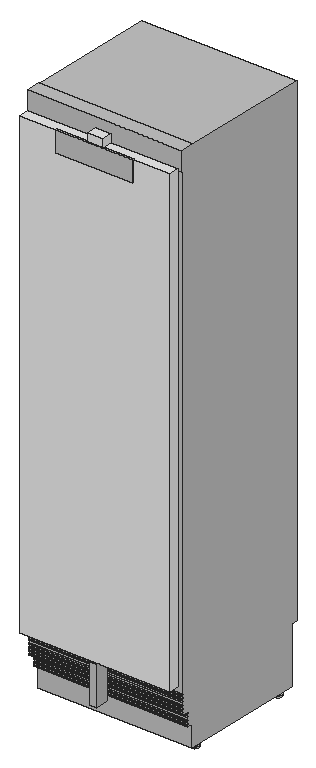
Revit family "FP-Revit20-en-RS6121FRJE1-Freezer-0-AS-AU-CN-EU-IE-NZ-SG-UK-90001099A (1)", category Specialty Equipment, Revit 2020
Family settings
  Round Connector Dimension = Use Diameter
  Part Type = Normal
  OmniClass Number = 23.40.40.11.11
  OmniClass Title = Refrigerators and Freezers
  Work Plane-Based = No
  Always vertical = Yes
  Cut with Voids When Loaded = Yes
  Shared = No
  Room Calculation Point = No
Parameters (values of type "RS6121FRJE1")
  Visibility - Water Connection = no
  Visibility - Visibility Control Note = yes
  Visibility - Clearance Required = yes
  URL = "www.fisherpaykel.com"
  Stainless Steel Door Panels (RD6121R10D) = no
  Product - Width = 603 mm  # constant formula
  Product - Height = 2134 mm  # constant formula
  Product - Depth (exl front panel) = 610 mm  # constant formula
  Model = "RS6121FRJE1"
  Material - Handle = Fisher & Paykel - Aluminium
  Material - Door Structure = Fisher & Paykel - White
  Material - Door Front = Fisher & Paykel - Stainless Steel
  Material - Body = Fisher & Paykel - Grey
  Manufacturer = "Fisher & Paykel Appliances"
  Handle Style - Contemporary Square (AHD3-RD21) = no
  Handle Style - Contemporary Round (AHS-RD21) = no
  Description = "61cm Integrated Column Freezer, stainless steel interior"
  Default Elevation = 0 mm
  Connector Description - Water = "Water Supply not required"
  Connector Description - Electrical = "230 V, 10 amp fused electrical supply"
  Cavity - Width = 610 mm  # constant formula
  Cavity - Height = 2134 mm  # constant formula
  Cavity - Depth = 650 mm  # constant formula
Types (4, lengths in mm): name | Visibility - Water Connection | Model | Description | Connector Description - Water
  (no name) | no | "RS6121FRJE1" | "61cm Integrated Column Freezer, stainless steel interior" | "Water Supply not required"
  RS6121FRJK1 | yes | "RS6121FRJK1" | "61cm Integrated Column Freezer with internal ice maker, stainless steel interior" | "1/2 BSP Stainless steel braided hose"
  RS6121FRJE1 | no | "RS6121FRJE1" | "61cm Integrated Column Freezer, stainless steel interior" | "Water Supply not required"
  RS6121FRJ1 | yes | "RS6121FRJ1" | "61cm Integrated Column Freezer with internal ice maker, white interior" | "1/2 BSP Stainless steel braided hose"
Reference planes
  plane 1 "Datum": y = 0
  plane 2: z = 0
  plane 3 "Center (Left/Right)": x = 0
  plane 4 "Product LHS": x = -301.5
  plane 5 "Product RHS": x = 301.5
  plane 6 "Product - Depth": y = 610
  plane 7 "Cavity LHS": x = -305
  plane 8 "Cavity RHS": x = 305
  plane 9 "Cavity - Depth": y = 628
  plane 10 "Handle Offset": x = -238.5
  plane 11 "Product Height": z = 2134
  plane 12 "Cavity Height": z = 2134
  plane 13 "Door Panel Datum": y = -4.1
Forms (mm)
  Extrusion 1, solid, material "Fisher & Paykel - Grey" <- "Material - Body", detail levels fine
    sketch origin (0, 0, 0) x (0, 1, 0) y (0, 0, 1)
      loop
        line (100.1, 19.1) -> (587.9, 19.1) -> (587.9, 239.7) -> (610, 239.7) -> (610, 2131.9) -> (105.1, 2131.9) -> (105.1, 2134) -> (49.9, 2134) -> (49.9, 2059) -> (56, 2059) -> (56, 228.6) -> (59.5, 228.6) -> (59.5, 219.7) -> (56.5, 219.7) -> (56.5, 215.9) -> (59.5, 215.9) -> (59.5, 207) -> (56.5, 207) -> (56.5, 203.2) -> (59.5, 203.2) -> (59.5, 194.3) -> (56.5, 194.3) -> (56.5, 190.5) -> (59.5, 190.5) -> (59.5, 181.6) -> (56.5, 181.6) -> (56.5, 177.8) -> (59.5, 177.8) -> (59.5, 168.9) -> (56.5, 168.9) -> (56.5, 165.1) -> (59.5, 165.1) -> (59.5, 156.2) -> (56.5, 156.2) -> (56.5, 152.4) -> (84.1, 152.4) -> (84.1, 143.5) -> (81.1, 143.5) -> (81.1, 139.7) -> (84.1, 139.7) -> (84.1, 130.8) -> (81.1, 130.8) -> (81.1, 127) -> (84.1, 127) -> (84.1, 118.1) -> (81.1, 118.1) -> (81.1, 114.3) -> (84.1, 114.3) -> (84.1, 105.4) -> (81.1, 105.4) -> (81.1, 101.6) -> (100.1, 101.6) -> (100.1, 19.1)
    from -301.5 to 301.5
  Extrusion 2, solid, material "Fisher & Paykel - Grey" <- "Material - Body"
    sketch origin (0, 0, 0) x (1, 0, 0) y (0, 1, 0)
      loop
        circle (-281, 547.8) r 4.1
      loop
        circle (-281, 141.8) r 4.1
      loop
        circle (281, 547.8) r 4.1
      loop
        circle (281, 141.8) r 4.1
    from 3 to 19.1
  Extrusion 3, solid, material "Fisher & Paykel - Grey" <- "Material - Body"
    sketch origin (0, 0, 0) x (1, 0, 0) y (0, 1, 0)
      loop
        circle (-281, 547.8) r 14.5
      loop
        circle (-281, 141.8) r 14.555
      loop
        circle (281, 547.8) r 14.5
      loop
        circle (281, 141.8) r 14.555
    from 0 to 3
  Extrusion 4, solid, material "Fisher & Paykel - Grey" <- "Material - Body", detail levels fine
    sketch origin (0, 0, 0) x (1, 0, 0) y (0, 1, 0)
      loop
        line (-7.5, 49) -> (-13.797, -4.1) -> (13.797, -4.1) -> (7.5, 49) -> (-7.5, 49)
    from 104.2 to 254.2
  Extrusion 5, solid, material "Fisher & Paykel - Grey" <- "Material - Body", not visible, detail levels fine
    sketch origin (0, 0, 0) x (1, 0, 0) y (0, 0, 1)
      loop
        line (289.9, 2123.15) -> (95.42, 2123.15) -> (95.42, 2081.05) -> (289.9, 2081.05) -> (289.9, 2123.15)
    from -49 to -2.5
  Extrusion 6, solid, material "Fisher & Paykel - Grey" <- "Material - Body", detail levels fine
    sketch origin (0, 0, 0) x (0, 1, 0) y (0, 0, 1)
      loop
        line (0, 2070.6) -> (0, 1988.6) -> (2, 1988.6) -> (2, 2068.6) -> (4, 2068.6) -> (4, 2070.6) -> (0, 2070.6)
    from -150 to 150
  Extrusion 7, solid, material "Fisher & Paykel - Grey" <- "Material - Body"
    sketch origin (0, 0, 0) x (1, 0, 0) y (0, 0, 1)
      loop
        circle (226.5, 119.813) r 5
      loop
        circle (-226.5, 119.813) r 5
    from -590 to -587.9
  Extrusion 8, solid, material "Fisher & Paykel - White" <- "Material - Door Structure"
    sketch origin (0, 0, 0) x (1, 0, 0) y (0, 1, 0)
      loop
        line (-276.5, 56) -> (-276.5, 42) -> (276.5, 42) -> (276.5, 56) -> (-276.5, 56)
    from 269.6 to 2030.7
  Extrusion 9, solid, material "Fisher & Paykel - White" <- "Material - Door Structure"
    sketch origin (0, 0, 0) x (1, 0, 0) y (0, 1, 0)
      loop
        line (-292.9, 42) -> (-292.9, 3) -> (292.9, 3) -> (292.9, 42) -> (-292.9, 42)
    from 254.2 to 2068.6
  Extrusion 10, solid, material "Fisher & Paykel - White" <- "Material - Door Structure", detail levels fine
    sketch origin (0, 0, 0) x (1, 0, 0) y (0, 0, 1)
      loop
        line (-29.5, 2100.1) -> (-29.5, 2068.6) -> (29.5, 2068.6) -> (29.5, 2100.1) -> (-29.5, 2100.1)
    from -42 to -3
  Extrusion 11, solid, material "Fisher & Paykel - Stainless Steel" <- "Material - Door Front", visible <- "Stainless Steel Door Panels (RD6121R10D)"
    sketch origin (0, 0, 0) x (0, 1, 0) y (0, 0, 1)
      loop
        line (-22.1, 2130.8) -> (-22.1, 102) -> (-4.1, 102) -> (-4.1, 2130.8) -> (-22.1, 2130.8)
    from -301.5 to 301.5
  Extrusion 12, solid, material "Fisher & Paykel - Grey" <- "Material - Body", detail levels coarse+medium
    sketch origin (0, 0, 0) x (0, 1, 0) y (0, 0, 1)
      loop
        line (49.9, 2134) -> (49.9, 2059) -> (56, 2059) -> (56, 152.4) -> (81.1, 152.4) -> (81.1, 101.6) -> (100.1, 101.6) -> (100.1, 19.1) -> (587.9, 19.1) -> (587.9, 239.7) -> (610, 239.7) -> (610, 2134) -> (49.9, 2134)
    from -301.5 to 301.5
  Extrusion 13, solid, material "Fisher & Paykel - Clearance Required", visible <- "Visibility - Clearance Required", detail levels coarse
    sketch origin (0, 0, 0) x (1, 0, 0) y (0, 1, 0)
      loop
        arc (-301.5, -22.1) -> (-13.376, -547.171) -> (584.28, -586.183) r 622.5
        line (584.28, -586.183) -> (565.051, -544.946) -> (589.549, -533.523)
        arc (589.549, -533.523) -> (598.013, -510.267) -> (574.757, -501.802) r 17.5
        line (574.757, -501.802) -> (550.259, -513.225) -> (329.441, -39.678)
        arc (329.441, -39.678) -> (310.616, -38.605) -> (301.5, -22.1) r 19.5
        line (301.5, -22.1) -> (-301.5, -22.1)
    from 0 to 2134
  Extrusion 14, solid, material "Fisher & Paykel - Grey" <- "Material - Body", not visible, detail levels fine
    sketch origin (0, 0, 0) x (1, 0, 0) y (0, 0, 1)
      loop
        line (289.9, 187.65) -> (289.9, 229.75) -> (95.42, 229.75) -> (95.42, 187.65) -> (289.9, 187.65)
    from -56 to -2.5
  Extrusion 15, solid, material "Fisher & Paykel - Grey" <- "Material - Body", detail levels fine
    sketch origin (0, 0, -4) x (0, 1, 0) y (0, 0, 1)
      loop
        arc (163.888, 23.1) -> (180.4, 13.63) -> (196.912, 23.1) r 19.13
        line (196.912, 23.1) -> (163.888, 23.1)
      loop
        arc (493.888, 23.1) -> (510.4, 13.63) -> (526.912, 23.1) r 19.13
        line (526.912, 23.1) -> (493.888, 23.1)
    from 191 to 219
  Extrusion 16, solid, material "Fisher & Paykel - Grey" <- "Material - Body", detail levels fine
    sketch origin (0, 0, -4) x (0, 1, 0) y (0, 0, -1)
      loop
        line (163.888, -23.1) -> (196.912, -23.1)
        arc (196.912, -23.1) -> (180.4, -13.63) -> (163.888, -23.1) r 19.13
      loop
        line (493.888, -23.1) -> (526.912, -23.1)
        arc (526.912, -23.1) -> (510.4, -13.63) -> (493.888, -23.1) r 19.13
    from 191 to 219
  Extrusion 17, solid, material "Fisher & Paykel - Clearance Required", visible <- "Visibility - Clearance Required", detail levels coarse
    sketch origin (0, 0, 0) x (1, 0, 0) y (0, 1, 0)
      loop
        line (-305, 628) -> (-305, -4.1) -> (305, -4.1) -> (305, 628) -> (-305, 628)
    from 0 to 2134
  Extrusion 18, void
    sketch origin (0, 0, 0) x (1, 0, 0) y (0, 1, 0)
      loop
        line (-305, 628) -> (-305, -22) -> (305, -22) -> (305, 628) -> (-305, 628)
    from 0 to 2134
  Extrusion 19, solid, material "Fisher & Paykel - Grey" <- "Material - Body", not visible, detail levels fine
    sketch origin (0, 0, 0) x (1, 0, 0) y (0, 0, 1)
      loop
        line (118.4, 254.2) -> (118.4, 229.75) -> (282.9, 229.75) -> (282.9, 254.2) -> (118.4, 254.2)
      loop
        line (106, 2081.05) -> (106, 2068.6) -> (282.9, 2068.6) -> (282.9, 2076.05) -> (242.9, 2081.05) -> (106, 2081.05)
    from -7 to -4
Lines and regions (mm)
  model lines, style "Fisher & Paykel"
    curve 1: line (-301.5, -4.1, 2130.8) -> (301.5, -4.1, 2130.8)
    curve 2: line (-301.5, -4.1, 102) -> (-301.5, -4.1, 2130.8)
    curve 3: line (301.5, -4.1, 102) -> (-301.5, -4.1, 102)
    curve 4: line (301.5, -4.1, 2130.8) -> (301.5, -4.1, 102)
Text (mm)
  text "Due to ongoing product development, product details are subject to change without notice. \nPlease always refer to www.fisherpaykel.com for the most current product information. \n© Fisher & Paykel 2020" at (41.04, -678.295, 0), in view "Ref. Level (Plan)"
Dimensions and locks
  equal spacing: plane 4 "Product LHS", plane 3 "Center (Left/Right)", plane 5 "Product RHS"
  "Product - Width": plane 4 "Product LHS" to plane 5 "Product RHS"
  "Product - Depth (exl front panel)": plane 1 "Datum" to plane 6 "Product - Depth"
  equal spacing: plane 7 "Cavity LHS", plane 3 "Center (Left/Right)", plane 8 "Cavity RHS"
  "Cavity - Width": plane 7 "Cavity LHS" to plane 8 "Cavity RHS"
  plane 4 "Product LHS" to Extrusion 2 sketch curve = 24.6 mm
  plane 4 "Product LHS" to plane 10 "Handle Offset" = 63 mm
  Extrusion 7 sketch curve to Extrusion 1 = 119.887 mm  (x2)
  Extrusion 7 sketch curve to plane 5 "Product RHS" = 75 mm
  plane 4 "Product LHS" to Extrusion 7 sketch curve = 75 mm
  Extrusion 1 sketch curve to Extrusion 1 sketch curve = 82.5 mm
  Extrusion 1 sketch curve to Extrusion 1 sketch curve = 209.5 mm
  Extrusion 3 to level = 3 mm
  Extrusion 12 to Extrusion 9 = 235.1 mm
  Extrusion 12 to Extrusion 8 = 250.5 mm
  Extrusion 12 to Extrusion 12 = 2114.9 mm
  Extrusion 12 to Extrusion 11 = 82.9 mm
  "Product - Height": level to plane 11 "Product Height"
  plane 11 "Product Height" to Extrusion 11 = 3.2 mm
  Extrusion 9 to plane 11 "Product Height" = 65.4 mm
  Extrusion 8 to plane 11 "Product Height" = 103.3 mm
  Extrusion 12 sketch curve to plane 11 "Product Height" = 75 mm
  Extrusion 1 sketch curve to plane 11 "Product Height" = 2.1 mm
  Extrusion 1 sketch curve to plane 11 "Product Height" = 75 mm
  "Cavity - Height": plane 12 "Cavity Height" to level
  plane 1 "Datum" to Extrusion 17 = 628 mm
  plane 1 "Datum" to Extrusion 18 = 628 mm
  Extrusion 19 sketch curve to Extrusion 19 sketch curve = 40 mm
  Extrusion 19 sketch curve to plane 3 "Center (Left/Right)" = 106 mm
  Extrusion 19 sketch curve to Extrusion 19 sketch curve = 176.9 mm
  Extrusion 19 sketch curve to plane 3 "Center (Left/Right)" = 118.4 mm
  plane 3 "Center (Left/Right)" to Extrusion 19 sketch curve = 282.9 mm
  "Cavity - Depth": Extrusion 18 to Extrusion 18
  Extrusion 18 to plane 1 "Datum" = 22 mm
  radius of Extrusion 7 sketch curve = 5 mm
  aligned and locked: level to plane 2
  aligned and locked: Extrusion 11 to plane 5 "Product RHS"
  aligned and locked: plane 4 "Product LHS" to Extrusion 11
  aligned and locked: Extrusion 12 to plane 5 "Product RHS"
  aligned and locked: Extrusion 12 to plane 4 "Product LHS"
  aligned and locked: Extrusion 12 sketch curve to plane 11 "Product Height"
  aligned and locked: plane 11 "Product Height" to Extrusion 1 sketch curve
  aligned and locked: Extrusion 15 sketch curve to Extrusion 15 sketch curve
  aligned and locked: Extrusion 16 sketch curve to Extrusion 16 sketch curve
  aligned and locked: Extrusion 17 to Extrusion 13
  aligned and locked: Extrusion 18 to Extrusion 13
  aligned and locked: Extrusion 1 to plane 5 "Product RHS"
  aligned and locked: plane 4 "Product LHS" to Extrusion 1
  aligned and locked: Extrusion 2 to Extrusion 1
  aligned and locked: nested 3 to plane 10 "Handle Offset"
  aligned and locked: nested 2 to plane 10 "Handle Offset"
Automatic sketch dimensions
  Extrusion 2 sketch curve to plane 4 "Product LHS" = 20.5 mm  (x2)
  plane 5 "Product RHS" to Extrusion 2 sketch curve = 20.5 mm  (x2)
  Extrusion 2 sketch curve to plane 1 "Datum" = 141.8 mm  (x2)
  Extrusion 2 sketch curve to plane 6 "Product - Depth" = 62.2 mm  (x2)
  Extrusion 3 sketch curve to plane 4 "Product LHS" = 20.5 mm  (x2)
  plane 5 "Product RHS" to Extrusion 3 sketch curve = 20.5 mm  (x2)
  Extrusion 3 sketch curve to plane 1 "Datum" = 141.8 mm  (x2)
  Extrusion 3 sketch curve to plane 6 "Product - Depth" = 62.2 mm  (x2)
  plane 1 "Datum" to Extrusion 4 sketch curve = 4.1 mm
  Extrusion 4 sketch curve to plane 3 "Center (Left/Right)" = 13.797 mm
  Extrusion 4 sketch curve to plane 3 "Center (Left/Right)" = 7.5 mm
  plane 3 "Center (Left/Right)" to Extrusion 4 sketch curve = 7.5 mm
  plane 3 "Center (Left/Right)" to Extrusion 4 sketch curve = 13.797 mm
  Extrusion 4 sketch curve to plane 1 "Datum" = 49 mm
  plane 11 "Product Height" to Extrusion 5 sketch curve = 10.85 mm
  plane 3 "Center (Left/Right)" to Extrusion 5 sketch curve = 95.42 mm
  plane 5 "Product RHS" to Extrusion 5 sketch curve = 11.6 mm
  Extrusion 5 sketch curve to Extrusion 5 sketch curve = 42.1 mm
  Extrusion 6 sketch curve to plane 1 "Datum" = 0 mm
  Extrusion 6 sketch curve to plane 1 "Datum" = 2 mm
  Extrusion 6 sketch curve to Extrusion 6 sketch curve = 2 mm  (x2)
  plane 11 "Product Height" to Extrusion 6 sketch curve = 145.4 mm
  plane 11 "Product Height" to Extrusion 6 sketch curve = 65.4 mm
  Extrusion 8 sketch curve to plane 4 "Product LHS" = 25 mm
  plane 5 "Product RHS" to Extrusion 8 sketch curve = 25 mm
  Extrusion 8 sketch curve to plane 1 "Datum" = 42 mm
  Extrusion 8 sketch curve to Extrusion 8 sketch curve = 14 mm
  Extrusion 9 sketch curve to plane 1 "Datum" = 3 mm
  Extrusion 9 sketch curve to plane 4 "Product LHS" = 8.6 mm
  plane 5 "Product RHS" to Extrusion 9 sketch curve = 8.6 mm
  Extrusion 9 sketch curve to Extrusion 9 sketch curve = 39 mm
  Extrusion 10 sketch curve to plane 3 "Center (Left/Right)" = 29.5 mm
  plane 3 "Center (Left/Right)" to Extrusion 10 sketch curve = 29.5 mm
  plane 11 "Product Height" to Extrusion 10 sketch curve = 65.4 mm
  Extrusion 10 sketch curve to Extrusion 10 sketch curve = 31.5 mm
  plane 1 "Datum" to Extrusion 11 sketch curve = 22.1 mm
  plane 1 "Datum" to Extrusion 11 sketch curve = 4.1 mm
  level to Extrusion 11 sketch curve = 102 mm
  plane 11 "Product Height" to Extrusion 11 sketch curve = 3.2 mm
  Extrusion 13 sketch curve to Extrusion 13 sketch curve = 0 mm  (x2)
  Extrusion 13 sketch curve to plane 4 "Product LHS" = 0 mm
  Extrusion 13 sketch curve to plane 5 "Product RHS" = 0 mm
  Extrusion 13 sketch curve to plane 8 "Cavity RHS" = 16 mm
  Extrusion 13 sketch curve to Extrusion 13 sketch curve = 8.441 mm
  Extrusion 13 sketch curve to plane 8 "Cavity RHS" = 245.259 mm
  Extrusion 13 sketch curve to Extrusion 13 sketch curve = 14.792 mm
  Extrusion 13 sketch curve to Extrusion 13 sketch curve = 24.498 mm
  Extrusion 13 sketch curve to Extrusion 13 sketch curve = 7.396 mm  (x2)
  Extrusion 13 sketch curve to Extrusion 13 sketch curve = 19.229 mm
  plane 1 "Datum" to Extrusion 13 sketch curve = 586.183 mm
  Extrusion 13 sketch curve to Extrusion 13 sketch curve = 41.237 mm
  Extrusion 13 sketch curve to Extrusion 13 sketch curve = 15.86 mm
  plane 3 "Center (Left/Right)" to Extrusion 14 sketch curve = 95.42 mm
  plane 5 "Product RHS" to Extrusion 14 sketch curve = 11.6 mm
  level to Extrusion 14 sketch curve = 187.65 mm
  Extrusion 14 sketch curve to Extrusion 14 sketch curve = 42.1 mm
  Extrusion 15 sketch curve to plane 1 "Datum" = 163.888 mm
  Extrusion 15 sketch curve to Extrusion 15 sketch curve = 16.512 mm  (x2)
  Extrusion 15 sketch curve to plane 6 "Product - Depth" = 116.112 mm
  Extrusion 15 sketch curve to Extrusion 15 sketch curve = 9.66 mm  (x2)
  Extrusion 16 sketch curve to plane 1 "Datum" = 163.888 mm
  Extrusion 16 sketch curve to Extrusion 16 sketch curve = 16.512 mm  (x2)
  Extrusion 16 sketch curve to plane 6 "Product - Depth" = 116.112 mm
  Extrusion 16 sketch curve to Extrusion 16 sketch curve = 9.66 mm  (x2)
  Extrusion 17 sketch curve to plane 7 "Cavity LHS" = 0 mm
  Extrusion 17 sketch curve to plane 8 "Cavity RHS" = 0 mm
  Extrusion 17 sketch curve to plane 9 "Cavity - Depth" = 0 mm
  plane 1 "Datum" to Extrusion 17 sketch curve = 4.1 mm
  Extrusion 18 sketch curve to plane 7 "Cavity LHS" = 0 mm
  Extrusion 18 sketch curve to plane 8 "Cavity RHS" = 0 mm
  plane 9 "Cavity - Depth" to Extrusion 18 sketch curve = 0 mm
  plane 1 "Datum" to Extrusion 18 sketch curve = 22 mm
  level to Extrusion 19 sketch curve = 229.75 mm
  Extrusion 19 sketch curve to Extrusion 19 sketch curve = 24.45 mm
  plane 11 "Product Height" to Extrusion 19 sketch curve = 65.4 mm
  Extrusion 19 sketch curve to Extrusion 19 sketch curve = 7.45 mm
  Extrusion 19 sketch curve to Extrusion 19 sketch curve = 5 mm
  Extrusion 12 sketch curve to plane 6 "Product - Depth" = 0 mm
  Extrusion 12 sketch curve to plane 6 "Product - Depth" = 22.1 mm
  Extrusion 12 sketch curve to plane 1 "Datum" = 100.1 mm
  Extrusion 12 sketch curve to Extrusion 12 sketch curve = 19 mm
  Extrusion 12 sketch curve to plane 1 "Datum" = 56 mm
  Extrusion 12 sketch curve to plane 1 "Datum" = 49.9 mm
  level to Extrusion 12 sketch curve = 152.4 mm
  Extrusion 12 sketch curve to Extrusion 12 sketch curve = 50.8 mm
  level to Extrusion 12 sketch curve = 19.1 mm
  Extrusion 12 sketch curve to Extrusion 12 sketch curve = 220.6 mm
  level to Extrusion 15 sketch curve = 19.1 mm
  level to Extrusion 16 sketch curve = 28.76 mm
  Extrusion 1 sketch curve to plane 6 "Product - Depth" = 0 mm
  Extrusion 1 sketch curve to Extrusion 1 sketch curve = 22.1 mm
  Extrusion 1 sketch curve to plane 1 "Datum" = 105.1 mm
  level to Extrusion 1 sketch curve = 19.1 mm
  Extrusion 1 sketch curve to plane 1 "Datum" = 100.1 mm
  Extrusion 1 sketch curve to Extrusion 1 sketch curve = 16 mm
  Extrusion 1 sketch curve to Extrusion 1 sketch curve = 0 mm  (x8)
  Extrusion 1 sketch curve to Extrusion 1 sketch curve = 3 mm  (x10)
  Extrusion 1 sketch curve to plane 1 "Datum" = 59.5 mm
  Extrusion 1 sketch curve to plane 1 "Datum" = 56 mm
  Extrusion 1 sketch curve to plane 1 "Datum" = 49.9 mm
  Extrusion 1 sketch curve to Extrusion 1 sketch curve = 3.8 mm  (x10)
  Extrusion 1 sketch curve to Extrusion 1 sketch curve = 8.9 mm  (x9)
  Extrusion 1 sketch curve to Extrusion 1 sketch curve = 220.6 mm
  plane 5 "Product RHS" to curve 1 = 0 mm
  plane 4 "Product LHS" to curve 3 = 0 mm
  level to curve 3 = 102 mm
  plane 11 "Product Height" to curve 2 = 3.2 mm
  radius of Extrusion 2 sketch curve = 4.1 mm  (x3)
  radius of Extrusion 3 sketch curve = 14.5 mm  (x2)
  radius of Extrusion 3 sketch curve = 14.555 mm  (x2)
  radius of Extrusion 7 sketch curve = 5 mm
Nested families
  nested 1: "Visibility Control Note 18" at (0, 0, 0), visible <- "Visibility - Visibility Control Note", type "Visibility Control Note 18"
  nested 2: "Handle Contemporary Round - Vertical" at (-238.5, -22.1, 1242.58), visible <- "Handle Style - Contemporary Round (AHS-RD21)", type "AHS-RD21 - Contemporary round handle (Vertical) 852mm"
  nested 3: "Handle Contemporary Square - Vertical" at (-238.5, -22.1, 1242.58), visible <- "Handle Style - Contemporary Square (AHD3-RD21)", type "AHD3-RD21 - Contemporary square handle (Vertical) 852mm"
Connectors
  electrical at (-226.5, 590, 119.813), driven by "Connector Description - Electrical"
    settings: on Extrusion 7, index 1, voltage 230 V, apparent load 0 VA, apparent load phase1 0 VA, apparent load phase2 0 VA, apparent load phase3 0 VA, power factor 1, load classification "Other", number of poles 1, system type 30, power factor state 1, is connector primary yes, connector utility no, sub classification motor no, connector description "230 V, 10 amp fused electrical supply"
  piping at (226.5, 590, 119.813), diameter 12.7, driven by "Connector Description - Water", driven by "Visibility - Water Connection"
    settings: on Extrusion 7, index 2, connector inside diameter 609.6 mm, connector length 0 mm, flow factor 0, pipe flow 0.0 L/s, pressure drop 0.0 Pa, fitting loss kfactor 0, connector angle 0.00°, fixture units 0, engagement length 0 mm, angle of deflection 0.00°, flow configuration 0, flow direction 1, fitting loss method 0, system type 20, joint type 0, gender type 0, connector reference index -1, connector utility 0, adjustable connector no, is connector primary yes, connector description "Water Supply not required"
Definition of nested family "Handle Contemporary Round - Vertical"
  Parameters (values of type "AHSRS80A - Contemporary round handle (1 of 2) (Vertical) 727mm")
    URL = "www.fisherpaykel.com"
    Material - Handle = none
    Manufacturer = "Fisher & Paykel Appliances"
    Handle - Length = 727 mm
    Default Elevation = 0 mm
  Types (6, lengths in mm): name | Handle - Length
    AHS-RD21 - Contemporary round handle (Vertical) 852mm | 852
    AHSRD2484W - Contemporary round handle (1 of 2) (Vertical) 727mm | 727
    AHSRD3084W - Contemporary round handle (1 of 2) (Vertical) 727mm | 727
    AHS-RD84 - Contemporary round handle (Vertical) 852mm | 852
    AHSRS3272A - Contemporary round handle (1 of 2) (Vertical) 727mm | 727
    AHSRS80A - Contemporary round handle (1 of 2) (Vertical) 727mm | 727
  Reference planes
    plane 1 "Center (Front/Back)": y = 0
    plane 2: z = 0
    plane 3 "Center (Left/Right)": x = 0
    plane 4 "Top": z = 363.5
    plane 5 "Bottom": z = -363.5
    plane 6 "Top Standoff": z = 243.5
    plane 7 "Bottom Standoff": z = -243.5
  Forms (mm)
    Extrusion 1, solid, material <- "Material - Handle"
      sketch origin (0, 0, 0) x (1, 0, 0) y (0, 1, 0)
        loop
          circle (0, -32.3) r 8.7
      from -243.5 to 243.5
    Extrusion 2, solid, material <- "Material - Handle", detail levels fine
      sketch origin (0, 0, 0) x (1, 0, 0) y (0, 1, 0)
        loop
          line (-8.7, 0) -> (-8.7, -32.3)
          arc (-8.7, -32.3) -> (0, -41) -> (8.7, -32.3) r 8.7
          line (8.7, -32.3) -> (8.7, 0) -> (-8.7, 0)
      from 243.5 to 363.5
    Extrusion 3, solid, material <- "Material - Handle", detail levels fine
      sketch origin (0, 0, 0) x (1, 0, 0) y (0, 1, 0)
        loop
          line (-8.7, 0) -> (-8.7, -32.3)
          arc (-8.7, -32.3) -> (0, -41) -> (8.7, -32.3) r 8.7
          line (8.7, -32.3) -> (8.7, 0) -> (-8.7, 0)
      from -363.5 to -243.5
    Sweep 4, void
      path in 3D
        loop
          line (8.7, 0, -363.5) -> (8.7, -32.3, -363.5)
          arc (8.7, -32.3, -363.5) -> (0, -41, -363.5) -> (-8.7, -32.3, -363.5) r 8.7
          line (-8.7, -32.3, -363.5) -> (-8.7, 0, -363.5)
      profile origin (8.7, -16.15, -363.5) x (-1, 0, 0) y (0, 0, -1)
        loop
          line (0, 0) -> (0, -1) -> (1, 0) -> (0, 0)
    Sweep 5, void
      path in 3D
        loop
          line (-8.7, 0, 363.5) -> (-8.7, -32.3, 363.5)
          arc (-8.7, -32.3, 363.5) -> (0, -41, 363.5) -> (8.7, -32.3, 363.5) r 8.7
          line (8.7, -32.3, 363.5) -> (8.7, 0, 363.5)
      profile origin (8.7, -16.15, 363.5) x (-1, 0, 0) y (0, 0, 1)
        loop
          line (0, 0) -> (0, -1) -> (1, 0) -> (0, 0)
    Extrusion 6, solid, material <- "Material - Handle", detail levels coarse+medium
      sketch origin (0, 0, 0) x (1, 0, 0) y (0, 1, 0)
        loop
          line (-8.7, 0) -> (-8.7, -32.3)
          arc (-8.7, -32.3) -> (0, -41) -> (8.7, -32.3) r 8.7
          line (8.7, -32.3) -> (8.7, 0) -> (-8.7, 0)
      from 243.5 to 363.5
    Extrusion 7, solid, material <- "Material - Handle", detail levels coarse+medium
      sketch origin (0, 0, 0) x (1, 0, 0) y (0, 1, 0)
        loop
          line (-8.7, 0) -> (-8.7, -32.3)
          arc (-8.7, -32.3) -> (0, -41) -> (8.7, -32.3) r 8.7
          line (8.7, -32.3) -> (8.7, 0) -> (-8.7, 0)
      from -363.5 to -243.5
  Cuts and joins
    Sweep 4 cuts Extrusion 3
    Sweep 5 cuts Extrusion 2
  Lines and regions (mm)
    sketch lines
      curve 1: line (8.7, 0, -363.5) -> (8.7, -32.3, -363.5)
      curve 2: arc (-8.7, -32.3, -363.5) -> (0, -41, -363.5) -> (8.7, -32.3, -363.5) r 8.7
      curve 3: line (-8.7, -32.3, -363.5) -> (-8.7, 0, -363.5)
      curve 4: line (8.7, -32.3, 363.5) -> (8.7, 0, 363.5)
      curve 5: arc (8.7, -32.3, 363.5) -> (0, -41, 363.5) -> (-8.7, -32.3, 363.5) r 8.7
      curve 6: line (-8.7, 0, 363.5) -> (-8.7, -32.3, 363.5)
  Dimensions and locks
    equal spacing: plane 4 "Top", level, plane 5 "Bottom"
    "Handle - Length": plane 4 "Top" to plane 5 "Bottom"
    locked: plane 4 "Top" to plane 6 "Top Standoff" at 120
    locked: plane 7 "Bottom Standoff" to plane 5 "Bottom" at 120
    Extrusion 2 sketch curve to Extrusion 2 sketch curve = 17.4 mm
    Extrusion 3 sketch curve to Extrusion 3 sketch curve = 17.4 mm
    Extrusion 6 sketch curve to Extrusion 6 sketch curve = 17.4 mm
    Extrusion 7 sketch curve to Extrusion 7 sketch curve = 17.4 mm
    aligned and locked: level to plane 2
    aligned and locked: plane 4 "Top" to Extrusion 2
    aligned and locked: Extrusion 3 to plane 5 "Bottom"
    aligned and locked: plane 7 "Bottom Standoff" to Extrusion 3
    aligned and locked: Extrusion 1 to plane 7 "Bottom Standoff"
    aligned and locked: plane 6 "Top Standoff" to Extrusion 1
    aligned and locked: Extrusion 2 to Extrusion 1
    aligned and locked: Extrusion 6 to Extrusion 1
    aligned and locked: plane 4 "Top" to Extrusion 6
    aligned and locked: Extrusion 7 to Extrusion 1
    aligned and locked: Extrusion 7 to plane 5 "Bottom"
  Automatic sketch dimensions
    Extrusion 1 sketch curve to plane 3 "Center (Left/Right)" = 0 mm
    plane 1 "Center (Front/Back)" to Extrusion 1 sketch curve = 32.3 mm
    plane 1 "Center (Front/Back)" to Extrusion 2 sketch curve = 0 mm
    Extrusion 2 sketch curve to plane 3 "Center (Left/Right)" = 0 mm
    Extrusion 2 sketch curve to plane 3 "Center (Left/Right)" = 8.7 mm
    plane 1 "Center (Front/Back)" to Extrusion 2 sketch curve = 32.3 mm
    plane 1 "Center (Front/Back)" to Extrusion 3 sketch curve = 0 mm
    Extrusion 3 sketch curve to plane 3 "Center (Left/Right)" = 0 mm
    Extrusion 3 sketch curve to plane 3 "Center (Left/Right)" = 8.7 mm
    plane 1 "Center (Front/Back)" to Extrusion 3 sketch curve = 32.3 mm
    Sweep 4 sketch curve to profile plane = 0 mm  (x2)
    Sweep 4 sketch curve to profile plane = 1 mm  (x2)
    Sweep 5 sketch curve to profile plane = 0 mm  (x2)
    Sweep 5 sketch curve to profile plane = 1 mm  (x2)
    Extrusion 6 sketch curve to plane 3 "Center (Left/Right)" = 0 mm
    Extrusion 6 sketch curve to plane 3 "Center (Left/Right)" = 8.7 mm
    plane 1 "Center (Front/Back)" to Extrusion 6 sketch curve = 32.3 mm
    Extrusion 6 sketch curve to Extrusion 6 sketch curve = 32.3 mm
    Extrusion 7 sketch curve to plane 3 "Center (Left/Right)" = 0 mm
    Extrusion 7 sketch curve to plane 3 "Center (Left/Right)" = 8.7 mm
    plane 1 "Center (Front/Back)" to Extrusion 7 sketch curve = 32.3 mm
    Extrusion 7 sketch curve to Extrusion 7 sketch curve = 32.3 mm
    radius of Extrusion 1 sketch curve = 8.7 mm
Definition of nested family "Handle Contemporary Square - Vertical"
  Parameters (values of type "AHD3RS80A - Contemporary square handle (1 of 2) (Vertical) 727mm")
    URL = "www.fisherpaykel.com"
    Material - Handle = none
    Manufacturer = "Fisher & Paykel Appliances"
    Handle - Length = 727 mm
    Default Elevation = 0 mm
  Types (7, lengths in mm): name | Handle - Length
    (no name) | 727
    AHD3-RD21 - Contemporary square handle (Vertical) 852mm | 852
    AHD3RD2484W - Contemporary square handle (1 of 2) (Vertical) 727mm | 727
    AHD3RD3084W - Contemporary square handle (1 of 2) (Vertical) 727mm | 727
    AHD3-RD84 - Contemporary square handle (Vertical) 852mm | 852
    AHD3RS3272A - Contemporary square handle (1 of 2) (Vertical) 727mm | 727
    AHD3RS80A - Contemporary square handle (1 of 2) (Vertical) 727mm | 727
  Reference planes
    plane 1 "Center (Front/Back)": y = 0
    plane 2: z = 0
    plane 3 "Center (Left/Right)": x = 0
    plane 4 "Top": z = 363.5
    plane 5 "Bottom": z = -363.5
    plane 6 "Top Standoff": z = 243.5
    plane 7 "Bottom Standoff": z = -243.5
  Forms (mm)
    Extrusion 1, solid, material <- "Material - Handle", detail levels fine
      sketch origin (0, 0, 0) x (1, 0, 0) y (0, 1, 0)
        loop
          arc (-7.583, -28.701) -> (-7.89, -29.057) -> (-8, -29.514) r 1
          line (-8, -29.514) -> (-8, -40.5)
          arc (-8, -40.5) -> (-7.561, -41.561) -> (-6.5, -42) r 1.5
          line (-6.5, -42) -> (6.5, -42)
          arc (6.5, -42) -> (7.561, -41.561) -> (8, -40.5) r 1.5
          line (8, -40.5) -> (8, -29.487)
          arc (8, -29.487) -> (7.889, -29.029) -> (7.58, -28.673) r 1
          arc (7.58, -28.673) -> (-0.006, -26.256) -> (-7.583, -28.701) r 13.038
      from -363.5 to 363.5
    Extrusion 2, solid, material <- "Material - Handle", detail levels fine
      sketch origin (0, 0, 0) x (1, 0, 0) y (0, 1, 0)
        loop
          arc (7.058, -28.23) -> (7.466, -28.244) -> (7.674, -27.893) r 0.4
          line (7.674, -27.893) -> (7.674, 0) -> (-7.674, 0) -> (-7.674, -27.86)
          arc (-7.674, -27.86) -> (-7.467, -28.21) -> (-7.06, -28.198) r 0.4
          arc (-7.06, -28.198) -> (0.004, -26.156) -> (7.058, -28.23) r 13.136
      from 243.5 to 363.5
    Extrusion 3, solid, material <- "Material - Handle", detail levels fine
      sketch origin (0, 0, 0) x (1, 0, 0) y (0, 1, 0)
        loop
          arc (7.058, -28.23) -> (7.466, -28.244) -> (7.674, -27.893) r 0.4
          line (7.674, -27.893) -> (7.674, 0) -> (-7.674, 0) -> (-7.674, -27.86)
          arc (-7.674, -27.86) -> (-7.467, -28.21) -> (-7.06, -28.198) r 0.4
          arc (-7.06, -28.198) -> (0.004, -26.156) -> (7.058, -28.23) r 13.136
      from -363.5 to -243.5
    Sweep 4, void
      path in 3D
        loop
          line (-8, -29.514, 363.5) -> (-8, -40.5, 363.5)
          arc (-8, -40.5, 363.5) -> (-7.561, -41.561, 363.5) -> (-6.5, -42, 363.5) r 1.5
          line (-6.5, -42, 363.5) -> (6.5, -42, 363.5)
          arc (6.5, -42, 363.5) -> (7.561, -41.561, 363.5) -> (8, -40.5, 363.5) r 1.5
          line (8, -40.5, 363.5) -> (8, -29.487, 363.5)
      profile origin (8, -34.994, 363.5) x (-1, 0, 0) y (0, 0, 1)
        loop
          line (0, 0) -> (0, -1.3) -> (1.3, 0) -> (0, 0)
    Sweep 5, void
      path in 3D
        loop
          line (8, -29.487, -363.5) -> (8, -40.5, -363.5)
          arc (8, -40.5, -363.5) -> (7.561, -41.561, -363.5) -> (6.5, -42, -363.5) r 1.5
          line (6.5, -42, -363.5) -> (-6.5, -42, -363.5)
          arc (-6.5, -42, -363.5) -> (-7.561, -41.561, -363.5) -> (-8, -40.5, -363.5) r 1.5
          line (-8, -40.5, -363.5) -> (-8, -29.514, -363.5)
      profile origin (8, -34.994, -363.5) x (-1, 0, 0) y (0, 0, -1)
        loop
          line (0, 0) -> (0, -1.3) -> (1.3, 0) -> (0, 0)
    Extrusion 6, void
      sketch origin (0, 0, 0) x (1, 0, 0) y (0, 0, 1)
        loop
          line (-8, -362.2) -> (-8, -363.5) -> (-6.7, -363.5) -> (-8, -362.2)
        loop
          line (8, -362.2) -> (6.7, -363.5) -> (8, -363.5) -> (8, -362.2)
      from 0 to 40
    Extrusion 7, void
      sketch origin (0, 0, 0) x (1, 0, 0) y (0, 0, 1)
        loop
          line (-8, 363.5) -> (-8, 362.2) -> (-6.7, 363.5) -> (-8, 363.5)
        loop
          line (8, 363.5) -> (6.7, 363.5) -> (8, 362.2) -> (8, 363.5)
      from 0 to 40
    Extrusion 8, solid, material <- "Material - Handle", detail levels coarse+medium
      sketch origin (0, 0, 0) x (0, 1, 0) y (0, 0, 1)
        loop
          line (0, 363.5) -> (-42, 363.5) -> (-42, -363.5) -> (0, -363.5) -> (0, -243.5) -> (-26.245, -243.5) -> (-26.245, 243.5) -> (0, 243.5) -> (0, 363.5)
      from -8 to 8
  Cuts and joins
    Sweep 4, Sweep 5, Extrusion 6, Extrusion 7 cuts Extrusion 1
    Extrusion 6 cuts Extrusion 3
    Extrusion 7 cuts Extrusion 2
  Lines and regions (mm)
    sketch lines
      curve 1: line (8, -40.5, 363.5) -> (8, -29.487, 363.5)
      curve 2: arc (8, -40.5, 363.5) -> (7.561, -41.561, 363.5) -> (6.5, -42, 363.5) r 1.5
      curve 3: line (-6.5, -42, 363.5) -> (6.5, -42, 363.5)
      curve 4: arc (-6.5, -42, 363.5) -> (-7.561, -41.561, 363.5) -> (-8, -40.5, 363.5) r 1.5
      curve 5: line (-8, -29.514, 363.5) -> (-8, -40.5, 363.5)
      curve 6: line (8, -29.487, -363.5) -> (8, -40.5, -363.5)
      curve 7: arc (6.5, -42, -363.5) -> (7.561, -41.561, -363.5) -> (8, -40.5, -363.5) r 1.5
      curve 8: line (6.5, -42, -363.5) -> (-6.5, -42, -363.5)
      curve 9: arc (-8, -40.5, -363.5) -> (-7.561, -41.561, -363.5) -> (-6.5, -42, -363.5) r 1.5
      curve 10: line (-8, -40.5, -363.5) -> (-8, -29.514, -363.5)
  Dimensions and locks
    equal spacing: plane 4 "Top", level, plane 5 "Bottom"
    "Handle - Length": plane 4 "Top" to plane 5 "Bottom"
    locked: plane 4 "Top" to plane 6 "Top Standoff" at 120
    locked: plane 7 "Bottom Standoff" to plane 5 "Bottom" at 120
    aligned and locked: level to plane 2
    aligned and locked: plane 4 "Top" to Extrusion 2
    aligned and locked: Extrusion 2 to plane 6 "Top Standoff"
    aligned and locked: plane 4 "Top" to Extrusion 1
    aligned and locked: Extrusion 1 to plane 5 "Bottom"
    aligned and locked: Extrusion 3 to plane 5 "Bottom"
    aligned and locked: plane 7 "Bottom Standoff" to Extrusion 3
    aligned and locked: plane 4 "Top" to Extrusion 8 sketch curve
    aligned and locked: plane 6 "Top Standoff" to Extrusion 8 sketch curve
    aligned and locked: plane 7 "Bottom Standoff" to Extrusion 8 sketch curve
    aligned and locked: plane 5 "Bottom" to Extrusion 8 sketch curve
    aligned and locked: plane 1 "Center (Front/Back)" to Extrusion 8 sketch curve  (x2)
  Automatic sketch dimensions
    Extrusion 1 sketch curve to plane 3 "Center (Left/Right)" = 8 mm
    Extrusion 1 sketch curve to Extrusion 1 sketch curve = 1 mm  (x2)
    Extrusion 1 sketch curve to Extrusion 1 sketch curve = 1.5 mm
    plane 3 "Center (Left/Right)" to Extrusion 1 sketch curve = 0.018 mm
    plane 3 "Center (Left/Right)" to Extrusion 1 sketch curve = 6.5 mm
    plane 3 "Center (Left/Right)" to Extrusion 1 sketch curve = 7 mm
    plane 1 "Center (Front/Back)" to Extrusion 1 sketch curve = 42 mm
    Extrusion 1 sketch curve to Extrusion 1 sketch curve = 1.206 mm
    Extrusion 1 sketch curve to Extrusion 1 sketch curve = 10.986 mm
    Extrusion 1 sketch curve to Extrusion 1 sketch curve = 11.013 mm
    Extrusion 1 sketch curve to Extrusion 1 sketch curve = 0 mm
    plane 1 "Center (Front/Back)" to Extrusion 2 sketch curve = 0 mm
    Extrusion 2 sketch curve to plane 3 "Center (Left/Right)" = 7.674 mm
    Extrusion 2 sketch curve to Extrusion 2 sketch curve = 0.4 mm  (x2)
    Extrusion 2 sketch curve to plane 3 "Center (Left/Right)" = 0.026 mm
    plane 3 "Center (Left/Right)" to Extrusion 2 sketch curve = 7.274 mm
    plane 1 "Center (Front/Back)" to Extrusion 2 sketch curve = 27.86 mm
    Extrusion 2 sketch curve to Extrusion 2 sketch curve = 0.033 mm
    Extrusion 2 sketch curve to Extrusion 2 sketch curve = 11.398 mm
    Extrusion 2 sketch curve to Extrusion 2 sketch curve = 0 mm
    plane 1 "Center (Front/Back)" to Extrusion 3 sketch curve = 0 mm
    Extrusion 3 sketch curve to Extrusion 3 sketch curve = 0.4 mm  (x2)
    Extrusion 3 sketch curve to Extrusion 3 sketch curve = 7.248 mm
    Extrusion 3 sketch curve to Extrusion 3 sketch curve = 7.3 mm
    plane 1 "Center (Front/Back)" to Extrusion 3 sketch curve = 27.86 mm
    Extrusion 3 sketch curve to Extrusion 3 sketch curve = 0.033 mm
    Extrusion 3 sketch curve to Extrusion 3 sketch curve = 11.398 mm
    Extrusion 3 sketch curve to Extrusion 3 sketch curve = 0 mm
    Sweep 4 sketch curve to profile plane = 0 mm  (x2)
    Sweep 4 sketch curve to profile plane = 1.3 mm  (x2)
    Sweep 5 sketch curve to profile plane = 0 mm  (x2)
    Sweep 5 sketch curve to profile plane = 1.3 mm  (x2)
    Extrusion 6 sketch curve to plane 5 "Bottom" = 0 mm  (x2)
    plane 5 "Bottom" to Extrusion 6 sketch curve = 1.3 mm  (x2)
    Extrusion 6 sketch curve to plane 3 "Center (Left/Right)" = 8 mm
    Extrusion 6 sketch curve to Extrusion 6 sketch curve = 1.3 mm  (x2)
    plane 3 "Center (Left/Right)" to Extrusion 6 sketch curve = 8 mm
    Extrusion 7 sketch curve to plane 4 "Top" = 0 mm  (x2)
    Extrusion 7 sketch curve to plane 3 "Center (Left/Right)" = 8 mm
    Extrusion 7 sketch curve to Extrusion 7 sketch curve = 1.3 mm  (x2)
    plane 3 "Center (Left/Right)" to Extrusion 7 sketch curve = 8 mm
    Extrusion 7 sketch curve to plane 4 "Top" = 1.3 mm  (x2)
    plane 1 "Center (Front/Back)" to Extrusion 8 sketch curve = 26.245 mm
    plane 1 "Center (Front/Back)" to Extrusion 8 sketch curve = 42 mm
    Extrusion 3 sketch curve to plane 3 "Center (Left/Right)" = 7.674 mm
Definition of nested family "Visibility Control Note 18"
  Types (3): name
    New
    Resolved
    Active
  Reference planes
    plane 1: y = 0
    plane 2: x = 0
  Text (mm)
    text "Edit Type: \nTo control handle kit \nand door panel visibility\n options\n\nDelete unwanted kits \nto reduce file size" at (-0.165, 35.556, 0)
